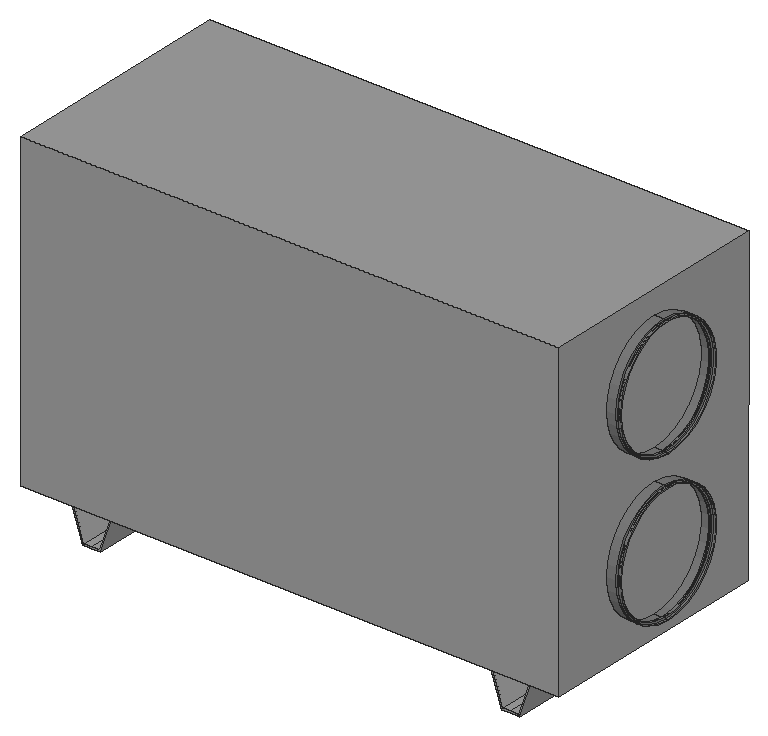
Revit family "BIMLIB_ПриточноВытяжнаяУстановка_UniMAX-P_SE-SW_SHUFT", category Оборудование, Revit 2017
Family settings
  Размер круглого соединителя = Использовать диаметр
  Тип детали = Нормальный
  На основе рабочей плоскости = Нет
  Всегда вертикально = Да
  При загрузке вырезать с полостями = Нет
  Общий = Нет
  Точка расчета площади = Нет
Parameters (values of type "UniMAX-P 2200SE/SW-A с вентилятором модификации EC")
  Повернуть УГО [instance] = yes
  Панель = if(H6 > 0 mm, 1 = 1, 1 = 0)  # no
  Описание = "Установки серии UniMAX-P SE предназначены для очистки, подогрева и подачи свежего воздуха в жилые, общественные и производственные помещения небольших объемов: офисы, магазины, квартиры и т.д. В процессе работы установки удаляют из помещения загрязненный воздух, очищая его и извлекая из него тепло, и передают это тепло поступающему воздуху. Тем самым установки позволяют экономить энергоресурсы и эффективно вентилировать помещения при существовании ограничения на энергоресурсы. Установки можно легко монтировать непосредственно в обслуживаемом помещении"  # constant formula
  Изготовитель = "ООО «Завод ВКО» марка SHUFT"  # constant formula
  Watermark [instance] = "Модели защищены уникальным кодом"
  W1 = if(ADSK_Размер_Ширина = 360 mm, 194 mm, ADSK_Размер_Ширина / 2)  # 397.5 mm
  L = 1805 mm
  L1 = 50 mm  # constant formula
  H6 = 0 mm
  H5 = 140 mm
  H4 = 500 mm
  H3 = 274 mm
  H2 = 500 mm
  H1 = 274 mm
  URL = "http://www.shuft.ru/"
  D = 400 mm
  BL_Разработано = "support@bimlib.pro"  # constant formula
  BL_Email = "bimmodels@rusklimat.ru"  # constant formula
  BL_BIM library = "https://bimlib.pro/manufacturer/company/23829"
  ADSK_Ток = 3.27 A
  ADSK_Тип воздушного фильтра = "Приточный/вытяжной EU5/EU5"
  ADSK_Расход воздуха приточный [instance] = 0.0 L/s
  ADSK_Расход воздуха вытяжной [instance] = 0.0 L/s
  ADSK_Размер_Ширина = 795 mm
  ADSK_Размер_Длина = L + 2 * L1  # 1905 mm
  ADSK_Размер_Высота = 1190 mm
  ADSK_Примечание [instance] = ""
  ADSK_Полная мощность = ADSK_Номинальная мощность / ADSK_Коэффициент мощности  # 753 VA
  ADSK_Позиция = ""
  ADSK_Обозначение = ""
  ADSK_Номинальная мощность = 753 W
  ADSK_Напряжение = 230 V
  ADSK_Наименование = "Приточно-вытяжная вентиляционная установка UniMAX-P 2200SE/SW-A с вентилятором модификации EC"
  ADSK_Материал = BIMLIB_Сталь_SHUFT
  ADSK_Масса_Текст = "216"
  ADSK_Масса = 216
  ADSK_Марка = ADSK_Код изделия  # "UniMAX-P 2200SE/SW-A EC"
  ADSK_Коэффициент мощности = 1
  ADSK_Количество фаз = 1
  ADSK_Код изделия = "UniMAX-P 2200SE/SW-A EC"
  ADSK_Классификация нагрузок = Прочее
  ADSK_Завод-изготовитель = Изготовитель  # "ООО «Завод ВКО» марка SHUFT"
  ADSK_Единица измерения = "шт."  # constant formula
  ADSK_Версия семейства = "v.1"  # constant formula
  ADSK_Версия Revit = "2017"  # constant formula
  ADSK_URL страницы изделия = "http://www.shuft.ru/catalog/2/206/3035/4049/"
  ADSK_URL документации изделия = "http://www.shuft.ru/upload/downloads/passport-UniMAX-P-SЕ.pdf"
Types (10, lengths in mm): name | Панель | W1 | L | H6 | H5 | H4 | H3 | H2 | H1 | D | ADSK_Ток | ADSK_Тип воздушного фильтра | ADSK_Размер_Ширина | ADSK_Размер_Длина | ADSK_Размер_Высота | ADSK_Полная мощность | ADSK_Номинальная мощность | ADSK_Напряжение | ADSK_Наименование | ADSK_Масса_Текст | ADSK_Масса | ADSK_Марка | ADSK_Количество фаз | ADSK_Код изделия
  (no name) | no | 397.5 | 1805 | 0 | 140 | 500 | 274 | 500 | 274 | 400 | 3.27 A | "Приточный/вытяжной EU5/EU5" | 795 | 1905 | 1190 | 753 VA | 753 W | 230 V | "Приточно-вытяжная вентиляционная установка UniMAX-P 2200SE/SW-A с вентилятором модификации EC" | "216" | 216 | "UniMAX-P 2200SE/SW-A EC" | 1 | "UniMAX-P 2200SE/SW-A EC"
  UniMAX-P 2000SE/SW-A с вентилятором модификации AC | no | 397.5 | 1805 | 0 | 140 | 500 | 274 | 500 | 274 | 400 | 27.55 A | "Приточный/вытяжной EU5/EU5" | 795 | 1905 | 1190 | 16340 VA | 16340 W | 400 V | "Приточно-вытяжная вентиляционная установка UniMAX-P 2000SE/SW-A с вентилятором модификации AC" | "216" | 216 | "UniMAX-P 2000SE/SW-A AC" | 3 | "UniMAX-P 2000SE/SW-A AC"
  UniMAX-P 2200SE/SW-A с вентилятором модификации EC | no | 397.5 | 1805 | 0 | 140 | 500 | 274 | 500 | 274 | 400 | 3.27 A | "Приточный/вытяжной EU5/EU5" | 795 | 1905 | 1190 | 753 VA | 753 W | 230 V | "Приточно-вытяжная вентиляционная установка UniMAX-P 2200SE/SW-A с вентилятором модификации EC" | "216" | 216 | "UniMAX-P 2200SE/SW-A EC" | 1 | "UniMAX-P 2200SE/SW-A EC"
  UniMAX-P 450SE/SW-A с вентилятором модификации EC | yes | 194 | 1170 | 51 | 31 | 190 | 255 | 190 | 255 | 160 | 6.09 A | "Приточный/вытяжной EU5/EU3" | 360 | 1270 | 695 | 1400 VA | 1400 W | 230 V | "Приточно-вытяжная вентиляционная установка UniMAX-P 450SE/SW-A с вентилятором модификации EC" | "48" | 48 | "UniMAX-P 450SE/SW-A EC" | 1 | "UniMAX-P 450SE/SW-A EC"
  UniMAX-P 450SE/SW-A с вентилятором модификации AC | yes | 194 | 1170 | 51 | 31 | 190 | 255 | 190 | 255 | 160 | 14.61 A | "Приточный/вытяжной EU5/EU3" | 360 | 1270 | 695 | 3360 VA | 3360 W | 230 V | "Приточно-вытяжная вентиляционная установка UniMAX-P 450SE/SW-A с вентилятором модификации AC" | "48" | 48 | "UniMAX-P 450SE/SW-A AC" | 1 | "UniMAX-P 450SE/SW-A AC"
  UniMAX-P 850SE/SW-A с вентилятором модификации EC | yes | 255 | 1170 | 51 | 31 | 310 | 151 | 310 | 151 | 250 | 6.96 A | "Приточный/вытяжной EU5/EU3" | 510 | 1270 | 695 | 1600 VA | 1600 W | 230 V | "Приточно-вытяжная вентиляционная установка UniMAX-P 850SE/SW-A с вентилятором модификации EC" | "57" | 57 | "UniMAX-P 850SE/SW-A EC" | 1 | "UniMAX-P 850SE/SW-A EC"
  UniMAX-P 800SE/SW-A с вентилятором модификации AC | yes | 255 | 1170 | 51 | 31 | 310 | 151 | 310 | 151 | 250 | 10.64 A | "Приточный/вытяжной EU5/EU3" | 510 | 1270 | 695 | 4660 VA | 4660 W | 230 V | "Приточно-вытяжная вентиляционная установка UniMAX-P 800SE/SW-A с вентилятором модификации AC" | "57" | 57 | "UniMAX-P 800SE/SW-A AC" | 1 | "UniMAX-P 800SE/SW-A AC"
  UniMAX-P 1000SE/SW-A с вентилятором модификации AC | no | 325 | 1505 | 0 | 140 | 400 | 231 | 400 | 231 | 315 | 15.91 A | "Приточный/вытяжной EU5/EU5" | 650 | 1605 | 1003 | 6460 VA | 6460 W | 400 V | "Приточно-вытяжная вентиляционная установка UniMAX-P 1000SE/SW-A с вентилятором модификации AC" | "152" | 152 | "UniMAX-P 1000SE/SW-A AC" | 3 | "UniMAX-P 1000SE/SW-A AC"
  UniMAX-P 1400SE/SW-A с вентилятором модификации EC | no | 325 | 1505 | 0 | 140 | 400 | 231 | 400 | 231 | 315 | 2.08 A | "Приточный/вытяжной EU5/EU5" | 650 | 1605 | 1003 | 478 VA | 478 W | 230 V | "Приточно-вытяжная вентиляционная установка UniMAX-P 1400SE/SW-A с вентилятором модификации EC" | "152" | 152 | "UniMAX-P 1400SE/SW-A EC" | 1 | "UniMAX-P 1400SE/SW-A EC"
  UniMAX-P 1500SE/SW-A с вентилятором модификации AC | no | 325 | 1505 | 0 | 140 | 400 | 231 | 400 | 231 | 315 | 16.14 A | "Приточный/вытяжной EU5/EU5" | 650 | 1605 | 1003 | 9730 VA | 9730 W | 400 V | "Приточно-вытяжная вентиляционная установка UniMAX-P 1500SE/SW-A с вентилятором модификации AC" | "152" | 152 | "UniMAX-P 1500SE/SW-A AC" | 3 | "UniMAX-P 1500SE/SW-A AC"
Reference planes
  plane 1 "По центру (Вперед/Назад)": y = 0
  plane 2: z = 0
  plane 3 "По центру (Влево/Вправо)": x = 0
  plane 4 "Перед": y = -397.5
  plane 5 "Зад": y = 397.5
  plane 6: z = 1190
  plane 7 "Лево корпус": x = -902.5
  plane 8 "Право корпус": x = 902.5
  plane 9: z = 140
  plane 10 "Панель": z = 1190
  plane 11 "ДВЕРЬ": y = -347.5
  plane 12 "коннекторы": y = 0
  plane 13: x = -702.5
  plane 14: x = 702.5
  plane 15 "ДВЕРЬ СЗАДИ": y = 347.5
  plane 16: z = 414
  plane 17: z = 350
  plane 18: z = 914
  plane 19: z = 414
  plane 20: z = 914
  plane 21: x = 952.5
  plane 22: x = -952.5
  plane 23: x = 451.25
Forms (mm)
  Extrusion 1, solid, material "BIMLIB_Сталь_SHUFT" <- "ADSK_Материал", detail levels medium+fine
    sketch origin (0, 0, 140) x (-1, 0, 0) y (0, -1, 0)
      loop
        line (-902.5, -397.5) -> (902.5, -397.5) -> (902.5, 397.5) -> (-902.5, 397.5) -> (-902.5, -397.5)
    from 0 to 1050
Lines and regions (mm)
  model lines, detail levels fine
    curve 1: line (-902.5, -347.5, 1190) -> (-902.5, -347.5, 140)
    curve 2: line (-902.5, -347.5, 140) -> (902.5, -347.5, 140)
    curve 3: line (902.5, -347.5, 140) -> (902.5, -347.5, 1190)
    curve 4: line (902.5, -347.5, 1190) -> (-902.5, -347.5, 1190)
    curve 5: line (0, -347.5, 1190) -> (0, -397.5, 1190)
    curve 6: line (0, -397.5, 1190) -> (0, -397.5, 140)
    curve 7: line (0, -397.5, 140) -> (0, -347.5, 140)
    curve 8: line (-902.5, 347.5, 1190) -> (-902.5, 347.5, 140)
    curve 9: line (-902.5, 347.5, 140) -> (902.5, 347.5, 140)
    curve 10: line (902.5, 347.5, 140) -> (902.5, 347.5, 1190)
    curve 11: line (902.5, 347.5, 1190) -> (-902.5, 347.5, 1190)
    curve 12: line (0, 347.5, 1190) -> (0, 397.5, 1190)
    curve 13: line (0, 397.5, 1190) -> (0, 397.5, 140)
    curve 14: line (0, 397.5, 140) -> (0, 347.5, 140)
Dimensions and locks
  equal spacing: plane 4 "Перед", plane 1 "По центру (Вперед/Назад)", plane 5 "Зад"
  "ADSK_Размер_Высота": plane 6 to level
  "ADSK_Размер_Ширина": plane 4 "Перед" to plane 5 "Зад"
  "H5": plane 9 to level
  "L": plane 7 "Лево корпус" to plane 8 "Право корпус"
  equal spacing: plane 7 "Лево корпус", plane 3 "По центру (Влево/Вправо)", plane 8 "Право корпус"
  "H6": plane 6 to plane 10 "Панель"
  locked: plane 11 "ДВЕРЬ" to plane 4 "Перед" at 50
  locked: plane 13 to plane 7 "Лево корпус" at 200
  locked: plane 14 to plane 8 "Право корпус" at 200
  locked: plane 15 "ДВЕРЬ СЗАДИ" to plane 5 "Зад" at 50
  "H1": plane 16 to plane 9
  "H2": plane 18 to plane 16
  "H3": plane 19 to plane 9
  "H4": plane 20 to plane 19
  "L1": plane 8 "Право корпус" to plane 21
  "L1": plane 22 to plane 7 "Лево корпус"
  "W1": plane 12 "коннекторы" to plane 4 "Перед"
  equal spacing: plane 8 "Право корпус", plane 23, plane 3 "По центру (Влево/Вправо)"
  aligned and locked: level to plane 2
  aligned and locked: plane 1 "По центру (Вперед/Назад)" to nested 1
  aligned and locked: plane 3 "По центру (Влево/Вправо)" to nested 1
  aligned and locked: Extrusion 1 sketch curve to plane 5 "Зад"
  aligned and locked: Extrusion 1 sketch curve to plane 8 "Право корпус"
  aligned and locked: Extrusion 1 sketch curve to plane 7 "Лево корпус"
  aligned and locked: Extrusion 1 sketch curve to plane 4 "Перед"
  aligned and locked: plane 10 "Панель" to Extrusion 1
  aligned and locked: plane 12 "коннекторы" to nested 7
  aligned and locked: plane 12 "коннекторы" to nested 5
  aligned and locked: nested 3 to plane 14
  aligned and locked: plane 13 to nested 2
  aligned and locked: nested 3 to plane 15 "ДВЕРЬ СЗАДИ"
  aligned and locked: nested 3 to plane 11 "ДВЕРЬ"
  aligned and locked: nested 2 to plane 11 "ДВЕРЬ"
  aligned and locked: nested 2 to plane 15 "ДВЕРЬ СЗАДИ"
  aligned and locked: nested 8 to plane 23
  aligned and locked: plane 1 "По центру (Вперед/Назад)" to nested 8
  aligned and locked: plane 19 to nested 4
  aligned and locked: nested 4 to plane 7 "Лево корпус"
  aligned and locked: plane 12 "коннекторы" to nested 4
  aligned and locked: nested 5 to plane 7 "Лево корпус"
  aligned and locked: plane 20 to nested 5
  aligned and locked: nested 6 to plane 8 "Право корпус"
  aligned and locked: nested 6 to plane 18
  aligned and locked: plane 12 "коннекторы" to nested 6
  aligned and locked: nested 7 to plane 8 "Право корпус"
  aligned and locked: nested 7 to plane 16
  aligned and locked: Extrusion 1 to plane 9
Automatic sketch dimensions
  plane 8 "Право корпус" to curve 4 = 0 mm
  curve 4 to plane 7 "Лево корпус" = 0 mm
  curve 1 to plane 9 = 0 mm
  curve 1 to plane 10 "Панель" = 0 mm
  curve 8 to plane 7 "Лево корпус" = 0 mm
  plane 8 "Право корпус" to curve 11 = 0 mm
  curve 8 to plane 9 = 0 mm
  curve 8 to plane 10 "Панель" = 0 mm
  curve 5 to plane 4 "Перед" = 0 mm
  curve 7 to plane 9 = 0 mm
  curve 7 to plane 11 "ДВЕРЬ" = 0 mm
  curve 5 to plane 10 "Панель" = 0 mm
  curve 5 to plane 11 "ДВЕРЬ" = 0 mm
  curve 12 to plane 10 "Панель" = 0 mm
  curve 12 to plane 15 "ДВЕРЬ СЗАДИ" = 0 mm
  curve 14 to plane 9 = 0 mm
  curve 14 to plane 15 "ДВЕРЬ СЗАДИ" = 0 mm
  curve 14 to plane 5 "Зад" = 0 mm
Nested families
  nested 1: "BIMLIB_УГО_SHUFT" at (0, 0, 0), Высота УГО 3д План <- "H4", Высота <- "ADSK_Размер_Высота", Ширина <- "ADSK_Размер_Ширина", УГО сверху <- "Повернуть УГО", Длина <- "ADSK_Размер_Длина", type "BIMLIB_УГО_SHUFT", detail levels coarse
    with Ширина/4 198.75 mm, Ширина 795 mm, УГО спереди no, УГО сверху yes, Длина 1905 mm, Высота/4 297.5 mm, Высота УГО 3д План 500 mm, Высота 1190 mm
  nested 2: "BIMLIB_Ножки_SHUFT" at (-702.5, 0, 0), Материал <- "ADSK_Материал", H <- "H5", type "BIMLIB_Ножки_SHUFT"
    with Ширина 695 mm, Материал BIMLIB_Сталь_SHUFT, H 140 mm
  nested 3: "BIMLIB_Ножки_SHUFT" at (702.5, 0, 0), Материал <- "ADSK_Материал", H <- "H5", type "BIMLIB_Ножки_SHUFT"
    with Ширина 695 mm, Материал BIMLIB_Сталь_SHUFT, H 140 mm
  nested 4: "BIMLIB_Подключение_Круглое_SHUFT" at (-902.5, 0, 414) x (-1, 0, 0) z (0, -1, 0), D <- "D", L <- "L1", type "BIMLIB_Подключение_Круглое_SHUFT", detail levels medium+fine
    with Материал BIMLIB_Сталь_Патрубки_SHUFT, L 50 mm, D 400 mm
  nested 5: "BIMLIB_Подключение_Круглое_SHUFT" at (-902.5, 0, 914) x (-1, 0, 0) z (0, -1, 0), D <- "D", L <- "L1", type "BIMLIB_Подключение_Круглое_SHUFT", detail levels medium+fine
    with Материал BIMLIB_Сталь_Патрубки_SHUFT, L 50 mm, D 400 mm
  nested 6: "BIMLIB_Подключение_Круглое_SHUFT" at (902.5, 0, 914) x (1, 0, 0) z (0, -1, 0), D <- "D", L <- "L1", type "BIMLIB_Подключение_Круглое_SHUFT", detail levels medium+fine
    with Материал BIMLIB_Сталь_Патрубки_SHUFT, L 50 mm, D 400 mm
  nested 7: "BIMLIB_Подключение_Круглое_SHUFT" at (902.5, 0, 414) x (1, 0, 0) z (0, -1, 0), D <- "D", L <- "L1", type "BIMLIB_Подключение_Круглое_SHUFT", detail levels medium+fine
    with Материал BIMLIB_Сталь_Патрубки_SHUFT, L 50 mm, D 400 mm
  nested 8: "BIMLIB_Панель_SHUFT" at (451.25, 0, 1190), Материал <- "ADSK_Материал", visible <- "Панель", type "BIMLIB_Панель_SHUFT", detail levels fine
    with Ширина 250 mm, Материал BIMLIB_Сталь_SHUFT, Длина 550 mm
Connectors
  hvac at (-952.5, 0, 414), driven by "D", driven by "ADSK_Расход воздуха приточный"
    settings: on nested 4, index 18, duct flow 0.0 L/s, flow factor 0, pres drop 0.0 Pa, loss coef 0, conn angle 0.00°, conn width 304.8 mm, conn height 304.8 mm, conn diameter 400 mm, duct sys type 1, conn prof type 0, flow config 0, flow direction 2, loss method 0, conn ref index 20, conn util no, is conn primary yes, conn desc "Приточный воздух"
  hvac at (-952.5, 0, 914), driven by "D", driven by "ADSK_Расход воздуха вытяжной"
    settings: on nested 5, index 19, duct flow 0.0 L/s, flow factor 0, pres drop 0.0 Pa, loss coef 0, conn angle 0.00°, conn width 304.8 mm, conn height 304.8 mm, conn diameter 400 mm, duct sys type 3, conn prof type 0, flow config 0, flow direction 1, loss method 0, conn ref index 21, conn util no, is conn primary no, conn desc "Вытяжной воздух"
  hvac at (952.5, 0, 914), driven by "D", driven by "ADSK_Расход воздуха приточный"
    settings: on nested 6, index 20, duct flow 0.0 L/s, flow factor 0, pres drop 0.0 Pa, loss coef 0, conn angle 0.00°, conn width 304.8 mm, conn height 304.8 mm, conn diameter 400 mm, duct sys type 1, conn prof type 0, flow config 0, flow direction 1, loss method 0, conn ref index 18, conn util no, is conn primary no, conn desc "Наружный воздух"
  hvac at (952.5, 0, 414), driven by "D", driven by "ADSK_Расход воздуха вытяжной"
    settings: on nested 7, index 21, duct flow 0.0 L/s, flow factor 0, pres drop 0.0 Pa, loss coef 0, conn angle 0.00°, conn width 304.8 mm, conn height 304.8 mm, conn diameter 400 mm, duct sys type 3, conn prof type 0, flow config 0, flow direction 2, loss method 0, conn ref index 19, conn util no, is conn primary no, conn desc "Выбрасываемый воздух"
  electrical at (0, -397.5, 665), driven by "ADSK_Количество фаз", driven by "ADSK_Классификация нагрузок", driven by "ADSK_Напряжение", driven by "ADSK_Полная мощность", driven by "ADSK_Коэффициент мощности"
    settings: on Extrusion 1, index 22, voltage 230 V, apparent load 753 VA, apparent load phase1 0 VA, apparent load phase2 0 VA, apparent load phase3 0 VA, power factor 1, load classification "Прочее", number of poles 1, system type 30, power factor state 1, is connector primary yes, connector utility no, sub classification motor no, connector description "Электрический соединитель"
Definition of nested family "BIMLIB_Ножки_SHUFT"
  Parameters (values of type "BIMLIB_Ножки_SHUFT")
    Default Elevation = 1219.2 mm
    Материал [instance] = none
    Ширина [instance] = 300 mm
    H [instance] = 30 mm
  Reference planes
    plane 1 "По центру (Вперед/Назад)": y = 0
    plane 2: z = 0
    plane 3 "По центру (Влево/Вправо)": x = 0
    plane 4: y = 150
    plane 5: y = -150
    plane 6: z = 30
  Forms (mm)
    Extrusion 1, solid, material <- "Материал", detail levels medium+fine
      sketch origin (0, 0, 0) x (1, 0, 0) y (0, 0, 1)
        loop
          line (0, 0) -> (30, 0) -> (77.113, 30) -> (71.856, 30) -> (26.367, 5) -> (0, 5) -> (-26.367, 5) -> (-71.856, 30) -> (-77.113, 30) -> (-30, 0) -> (0, 0)
      from -150 to 150
  Dimensions and locks
    equal spacing: plane 4, plane 1 "По центру (Вперед/Назад)", plane 5
    "Ширина": plane 4 to plane 5
    "H": plane 6 to level
    aligned and locked: level to plane 2
    aligned and locked: plane 5 to Extrusion 1
    aligned and locked: plane 4 to Extrusion 1
  Automatic sketch dimensions
    Extrusion 1 sketch curve to plane 6 = 0 mm  (x2)
    Extrusion 1 sketch curve to level = 0 mm
    Extrusion 1 sketch curve to plane 3 "По центру (Влево/Вправо)" = 0 mm  (x2)
    level to Extrusion 1 sketch curve = 5 mm
    Extrusion 1 sketch curve to plane 3 "По центру (Влево/Вправо)" = 26.367 mm
    Extrusion 1 sketch curve to Extrusion 1 sketch curve = 3.633 mm  (x2)
    Extrusion 1 sketch curve to plane 3 "По центру (Влево/Вправо)" = 71.856 mm
    Extrusion 1 sketch curve to Extrusion 1 sketch curve = 5.257 mm  (x2)
    plane 3 "По центру (Влево/Вправо)" to Extrusion 1 sketch curve = 26.367 mm
    plane 3 "По центру (Влево/Вправо)" to Extrusion 1 sketch curve = 77.113 mm
Definition of nested family "BIMLIB_Подключение_Круглое_SHUFT"
  Parameters (values of type "BIMLIB_Подключение_Круглое_SHUFT")
    Default Elevation = 1219.2 mm
    Материал [instance] = none
    L [instance] = 30 mm
    D [instance] = 300 mm
  Reference planes
    plane 1 "По центру (Вперед/Назад)": y = 0
    plane 2: z = 0
    plane 3 "По центру (Влево/Вправо)": x = 0
    plane 4: y = 150
    plane 5: y = -150
    plane 6: x = 30
  Forms (mm)
    Revolve 1, solid, material <- "Материал", detail levels medium+fine
      sketch origin (0, 0, 0) x (1, 0, 0) y (0, 1, 0)
        loop
          line (30, 148) -> (30, 150) -> (20, 150) -> (20, 145) -> (15, 145) -> (15, 150) -> (0, 150) -> (0, 148) -> (13, 148) -> (13, 143) -> (22, 143) -> (22, 148) -> (30, 148)
        axis (30, 0) -> (0, 0)
      angle from 0 to 360
  Dimensions and locks
    equal spacing: plane 4, plane 1 "По центру (Вперед/Назад)", plane 5
    "D": plane 4 to plane 5
    "L": plane 3 "По центру (Влево/Вправо)" to plane 6
    aligned and locked: level to plane 2
    aligned and locked: Revolve 1 sketch curve to plane 1 "По центру (Вперед/Назад)"
    aligned and locked: plane 6 to Revolve 1 sketch curve
    aligned and locked: plane 4 to Revolve 1 sketch curve  (x2)
    aligned and locked: Revolve 1 sketch curve to plane 3 "По центру (Влево/Вправо)"
  Automatic sketch dimensions
    Revolve 1 sketch curve to Revolve 1 sketch curve = 2 mm  (x5)
    Revolve 1 sketch curve to Revolve 1 sketch curve = 5 mm
    Revolve 1 sketch curve to Revolve 1 sketch curve = 8 mm
    Revolve 1 sketch curve to Revolve 1 sketch curve = 3 mm
    Revolve 1 sketch curve to plane 3 "По центру (Влево/Вправо)" = 2000 mm
    plane 6 to Revolve 1 sketch curve = 1535.044 mm
Definition of nested family "BIMLIB_Панель_SHUFT"
  Parameters (values of type "BIMLIB_Панель_SHUFT")
    Default Elevation = 1219.2 mm
    Материал [instance] = none
    Ширина [instance] = 300 mm
    Длина [instance] = 920 mm
  Reference planes
    plane 1 "По центру (Вперед/Назад)": y = 0
    plane 2: z = 0
    plane 3 "По центру (Влево/Вправо)": x = 0
    plane 4: y = 150
    plane 5: y = -150
    plane 6: z = 30
    plane 7: x = -460
    plane 8: x = 460
  Forms (mm)
    Extrusion 1, solid, material <- "Материал", detail levels fine
      sketch origin (0, 0, 0) x (1, 0, 0) y (0, 1, 0)
        loop
          line (-460, 150) -> (-460, -150) -> (460, -150) -> (460, 150) -> (-460, 150)
      from 0 to 51
  Dimensions and locks
    equal spacing: plane 4, plane 1 "По центру (Вперед/Назад)", plane 5
    "Ширина": plane 4 to plane 5
    plane 6 to level = 30 mm
    equal spacing: plane 7, plane 3 "По центру (Влево/Вправо)", plane 8
    "Длина": plane 7 to plane 8
    aligned and locked: level to plane 2
    aligned and locked: Extrusion 1 sketch curve to plane 4
    aligned and locked: Extrusion 1 sketch curve to plane 7
    aligned and locked: Extrusion 1 sketch curve to plane 5
    aligned and locked: Extrusion 1 sketch curve to plane 8
Definition of nested family "BIMLIB_УГО_SHUFT"
  Parameters (values of type "BIMLIB_УГО_SHUFT")
    Ширина/4 [instance] = Ширина / 4  # 105 mm
    Ширина [instance] = 420 mm
    УГО спереди [instance] = not(УГО сверху)  # no
    УГО сверху [instance] = yes
    Высота/4 [instance] = Высота / 4  # 63 mm
    Длина [instance] = 810 mm
    Высота УГО 3д План [instance] = 126 mm
    Высота [instance] = 252 mm
  Reference planes
    plane 1 "По центру (Вперед/Назад)": y = 0
    plane 2: z = 0
    plane 3 "По центру (Влево/Вправо)": x = 0
    plane 4: x = -405
    plane 5: x = 405
    plane 6: y = 210
    plane 7: y = -210
    plane 8: z = 126
    plane 9 "УГО 3Д": z = 252
    plane 10: x = -270
    plane 11: x = -135
    plane 12: z = 189
    plane 13: z = 63
    plane 14: x = 63
    plane 15: x = 105
    plane 16: y = 105
    plane 17: y = -105
    plane 18 "УГО": z = 126
  Lines and regions (mm)
    model lines, visible <- "УГО спереди", detail levels coarse
      curve 1: line (-405, 0, 252) -> (-405, 0, 0)
      curve 2: line (-405, 0, 0) -> (405, 0, 0)
      curve 3: line (405, 0, 0) -> (405, 0, 252)
      curve 4: line (405, 0, 252) -> (-405, 0, 252)
      curve 5: line (-270, 0, 252) -> (-270, 0, 0)
      curve 6: line (-135, 0, 252) -> (-135, 0, 0)
      curve 7: line (0, 0, 189) -> (0, 0, 63)
      curve 8: line (0, 0, 63) -> (63, 0, 126)
      curve 9: line (63, 0, 126) -> (0, 0, 189)
    model lines, visible <- "УГО сверху", detail levels coarse
      curve 10: line (-405, 210, 126) -> (-405, -210, 126)
      curve 11: line (-405, -210, 126) -> (405, -210, 126)
      curve 12: line (405, -210, 126) -> (405, 210, 126)
      curve 13: line (405, 210, 126) -> (-405, 210, 126)
      curve 14: line (-270, 210, 126) -> (-270, -210, 126)
      curve 15: line (-135, 210, 126) -> (-135, -210, 126)
      curve 16: line (0, 105, 126) -> (105, 0, 126)
      curve 17: line (105, 0, 126) -> (0, -105, 126)
      curve 18: line (0, -105, 126) -> (0, 105, 126)
    symbolic lines, detail levels coarse
      curve 19: line (-405, 0, 252) -> (-405, 0, 0)
      curve 20: line (-405, 0, 0) -> (405, 0, 0)
      curve 21: line (405, 0, 0) -> (405, 0, 252)
      curve 22: line (405, 0, 252) -> (-405, 0, 252)
      curve 23: line (-270, 0, 252) -> (-270, 0, 0)
      curve 24: line (-135, 0, 0) -> (-135, 0, 252)
      curve 25: line (0, 0, 189) -> (63, 0, 126)
      curve 26: line (63, 0, 126) -> (0, 0, 63)
      curve 27: line (0, 0, 63) -> (0, 0, 189)
      curve 28: line (-405, 210, 0) -> (-405, -210, 0)
      curve 29: line (-405, -210, 0) -> (405, -210, 0)
      curve 30: line (405, -210, 0) -> (405, 210, 0)
      curve 31: line (405, 210, 0) -> (-405, 210, 0)
      curve 32: line (-270, 210, 0) -> (-270, -210, 0)
      curve 33: line (-135, -210, 0) -> (-135, 210, 0)
      curve 34: line (0, 105, 0) -> (105, 0, 0)
      curve 35: line (105, 0, 0) -> (0, -105, 0)
      curve 36: line (0, -105, 0) -> (0, 105, 0)
  Dimensions and locks
    equal spacing: plane 4, plane 3 "По центру (Влево/Вправо)", plane 5
    "Длина": plane 4 to plane 5
    "Ширина": plane 7 to plane 6
    equal spacing: plane 4, plane 10, plane 11, plane 3 "По центру (Влево/Вправо)"
    "Высота": plane 9 "УГО 3Д" to level
    equal spacing: plane 9 "УГО 3Д", plane 12, plane 8, plane 13, level
    "Высота/4": plane 14 to plane 3 "По центру (Влево/Вправо)"
    equal spacing: plane 6, plane 16, plane 1 "По центру (Вперед/Назад)", plane 17, plane 7
    "Ширина/4": plane 15 to plane 3 "По центру (Влево/Вправо)"
    "Ширина/4": plane 3 "По центру (Влево/Вправо)" to plane 15
    "Высота УГО 3д План": plane 18 "УГО" to level
    aligned and locked: level to plane 2
  Automatic sketch dimensions
    curve 12 to plane 5 = 0 mm
    plane 1 "По центру (Вперед/Назад)" to curve 16 = 0 mm
    curve 16 to plane 15 = 0 mm
    curve 18 to plane 3 "По центру (Влево/Вправо)" = 0 mm
    curve 15 to plane 11 = 0 mm
    curve 14 to plane 10 = 0 mm
    curve 11 to plane 4 = 0 mm
    curve 13 to plane 6 = 0 mm
    curve 18 to plane 16 = 0 mm
    plane 7 to curve 12 = 0 mm
    curve 1 to plane 4 = 0 mm
    curve 5 to plane 9 "УГО 3Д" = 0 mm
    curve 5 to plane 10 = 0 mm
    curve 23 to level = 0 mm
    curve 23 to plane 10 = 0 mm
    curve 6 to plane 11 = 0 mm
    curve 24 to plane 11 = 0 mm
    curve 9 to plane 3 "По центру (Влево/Вправо)" = 0 mm
    curve 8 to plane 8 = 0 mm
    curve 8 to plane 14 = 0 mm
    curve 20 to plane 5 = 0 mm
    curve 27 to plane 12 = 0 mm
    curve 28 to plane 4 = 0 mm
    curve 32 to plane 6 = 0 mm
    curve 32 to plane 10 = 0 mm
    plane 7 to curve 33 = 0 mm
    curve 33 to plane 11 = 0 mm
    curve 34 to plane 3 "По центру (Влево/Вправо)" = 0 mm
    plane 1 "По центру (Вперед/Назад)" to curve 34 = 0 mm
    curve 30 to plane 5 = 0 mm
    curve 36 to plane 17 = 0 mm
    curve 36 to plane 16 = 0 mm
